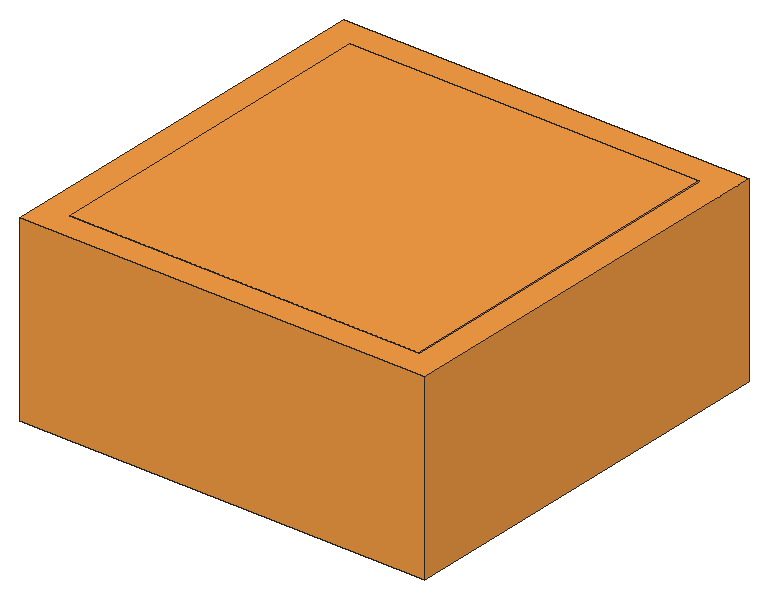
Revit family "Detector Titanus FUSION_Aguilera Electronica", category Dispositivos de alarma de incendios, Revit 2019
Family settings
  Anfitrión = Cara
  Mantener orientación de anotación = Sí
  Cota de conector redondo = Diámetro de uso
  Tipo de pieza = Normal
  Número OmniClass = 23.85.30.21.11.17
  Título OmniClass = Other Components
  Corte con vacíos al cargar = No
  Compartido = No
  Punto de cálculo de habitación = No
Parameters (values of type "Titanus FUSION® de 1 módulo de detección - Sensibilidad 0,015%")
  Zona de acción 80 m2 = yes
  Zona de acción 60 m2 = yes
  Voltaje = ""
  URL = "https://aguilera.es/?productos=titanus-fusion"
  Símbolo texto modelo = yes
  Símbolo = yes
  Modelo = "AETF-01"
  Fondo = 113 mm
  Fabricante = "Aguilera Electrónica"  # constant formula
  Elevación por defecto = 1200 mm
  Descripción = "Serie TITANUS FUSION®: la mejor solución para pequeñas y medianas instalaciones.\r\n\r\nCaracterísticas:\r\n• Conexión de uno o dos módulos detectores.\r\n• Cobertura hasta 2x1600m2\r\n• Número máximo orificios aspiración 2 x 20\r\n• Relé de alarma y avería por zona\r\n• Conexión al bucle algorítmico de Aguilera Electrónica mediante la tarjeta AE/SA-IT.\r\n• Versión silenciosa, con un nivel de presión sonora desde 23 dB(A).\r\n• Vigilancia de la red de tuberías PIPE-GUARD.\r\n\r\nCaracterísticas técnicas:\r\n• Alimentación 24Vcc (14 a 30Vcc)\r\n• Dimensiones 200x292x113mm\r\n• Intervalo de temperatura de funcionamiento: -20ºC a +60ºC\r\n• Humedad del 10% al 95% sin condensación.\r\n• Certificados EN 54-20 clases A, B y C: CPR-E010, nº 0786-CPR-21512\r\n• Homologados VdS nº G 216069"  # constant formula
  Assembly Code = ""
  Comentarios de tipo = "Nº máx. orificios de aspiración: 20\r\n    Longitud máx. de tubería: 160 m\r\n    Consumo en reposo: 200 mA\r\n    Consumo máximo en alarma: 210 mA””"
  Ancho = 200 mm
  Alto = 292 mm
Types (13, lengths in mm): name | Modelo | Comentarios de tipo
  (no name) | "AETF-01" | "Nº máx. orificios de aspiración: 20\r\n    Longitud máx. de tubería: 160 m\r\n    Consumo en reposo: 200 mA\r\n    Consumo máximo en alarma: 210 mA””"
  Titanus FUSION® de 1 módulo de detección - Sensibilidad 0,5% | "AETF-50" | "Nº máx. orificios de aspiración: 20\r\n    Longitud máx. de tubería: 160 m\r\n    Consumo en reposo: 200 mA\r\n    Consumo máximo en alarma: 210 mA””"
  Titanus FUSION® de 1 módulo de detección - Sensibilidad 0,1% | "AETF-10" | "Nº máx. orificios de aspiración: 20\r\n    Longitud máx. de tubería: 160 m\r\n    Consumo en reposo: 200 mA\r\n    Consumo máximo en alarma: 210 mA””"
  Titanus FUSION® de 1 módulo de detección - Sensibilidad 0,015% | "AETF-01" | "Nº máx. orificios de aspiración: 20\r\n    Longitud máx. de tubería: 160 m\r\n    Consumo en reposo: 200 mA\r\n    Consumo máximo en alarma: 210 mA””"
  Titanus FUSION® de 2 módulos de detección - Sensibilidad 0,5% y 0,5% | "AETF-2-50" | "Nº máx. orificios de aspiración: 40 (2X20)\r\n    Longitud máx. de tubería: 320 m (2X160)\r\n    Consumo en reposo: 220 mA\r\n    Consumo máximo en alarma: 240 mA””"
  Titanus FUSION® de 2 módulos de detección - Sensibilidad 0,1% y 0,5% | "AETF-2-1050" | "Nº máx. orificios de aspiración: 40 (2X20)\r\n    Longitud máx. de tubería: 320 m (2X160)\r\n    Consumo en reposo: 220 mA\r\n    Consumo máximo en alarma: 240 mA””"
  Titanus FUSION® de 2 módulos de detección - Sensibilidad 0,1% y 0,1% | "AETF-2-10" | "Nº máx. orificios de aspiración: 40 (2X20)\r\n    Longitud máx. de tubería: 320 m (2X160)\r\n    Consumo en reposo: 220 mA\r\n    Consumo máximo en alarma: 240 mA””"
  Titanus FUSION® de 2 módulos de detección - Sensibilidad 0,15% y 0,5% | "AETF-2-0150" | "Nº máx. orificios de aspiración: 40 (2X20)\r\n    Longitud máx. de tubería: 320 m (2X160)\r\n    Consumo en reposo: 220 mA\r\n    Consumo máximo en alarma: 240 mA””"
  Titanus FUSION® de 2 módulos de detección - Sensibilidad 0,15% y 0,1% | "AETF-2-0110" | "Nº máx. orificios de aspiración: 40 (2X20)\r\n    Longitud máx. de tubería: 320 m (2X160)\r\n    Consumo en reposo: 220 mA\r\n    Consumo máximo en alarma: 240 mA””"
  Titanus FUSION® de 2 módulos de detección - Sensibilidad 0,15% y 0,15% | "AETF-2-01" | "Nº máx. orificios de aspiración: 40 (2X20)\r\n    Longitud máx. de tubería: 320 m (2X160)\r\n    Consumo en reposo: 220 mA\r\n    Consumo máximo en alarma: 240 mA””"
  Titanus FUSION® de 2 módulos de detección (doble detección) - Sensibilidad 0,5% y 0,5% | "AETF-2-D5050" | "Nº máx. orificios de aspiración: 40 (2 x 20)\r\n    Longitud máx. de conducto: 320 m (2 x 160)\r\n    Consumo en reposo: 220 mA\r\n    Consumo máximo en alarma: 240 mA"
  Titanus FUSION® de 2 módulos de detección (doble detección) - Sensibilidad 0,1% y 0,5% | "AETF-2-D1050" | "Nº máx. orificios de aspiración: 40 (2 x 20)\r\n    Longitud máx. de conducto: 320 m (2 x 160)\r\n    Consumo en reposo: 220 mA\r\n    Consumo máximo en alarma: 240 mA"
  Titanus FUSION® de 2 módulos de detección (doble detección) - Sensibilidad 0,1% y 0,1% | "AETF-2-D0110" | "Nº máx. orificios de aspiración: 40 (2 x 20)\r\n    Longitud máx. de conducto: 320 m (2 x 160)\r\n    Consumo en reposo: 220 mA\r\n    Consumo máximo en alarma: 240 mA"
Reference planes
  plane 1 "Centro (Frontal/Posterior)": y = 0
  plane 2: z = 0
  plane 3 "Centro (Izquierda/Derecha)": x = 0
  plane 4: y = 146
  plane 5: y = -146
  plane 6: x = -100
  plane 7: x = 100
  plane 8: z = 113
  plane 9: z = 110
  plane 10: z = 107
Forms (mm)
  Extrusion 1, solid
    sketch origin (0, 0, 0) x (1, 0, 0) y (0, 1, 0)
      loop
        line (-1219.2, 1219.2) -> (-1219.2, -1219.2) -> (1219.2, -1219.2) -> (1219.2, 1219.2) -> (-1219.2, 1219.2)
    from 0 to -304.8
  Extrusion 2, solid, material "ABS Gris"
    sketch origin (0, 0, 0) x (1, 0, 0) y (0, 1, 0)
      loop
        line (-100, -146) -> (100, -146) -> (100, 146) -> (-100, 146) -> (-100, -146)
    from 0 to 113 <- "Fondo"
  Extrusion 3, solid, material "ABS Gris", detail levels fine
    sketch origin (0, 0, 0) x (1, 0, 0) y (0, 1, 0)
      loop
        line (84.502, -111.186) -> (84.502, -0.381)
        arc (84.502, -0.381) -> (-2.643, -8.099) -> (-85.498, -36.186) r 367.691
        line (-85.498, -36.186) -> (-85.498, -111.186) -> (84.502, -111.186)
    from 113 to 123
  Extrusion 4, solid, material "ABS Gris", detail levels fine
    sketch origin (0, 0, 0) x (1, 0, 0) y (0, 0, 1)
      loop
        circle (34.456, 58.972) r 15
    from -156 to -146
  Extrusion 5, solid, material "ABS Gris", detail levels fine
    sketch origin (0, 0, 0) x (-1, 0, 0) y (0, 0, -1)
      loop
        circle (34.456, -58.972) r 15
    from -156 to -146
  Extrusion 6, solid, material "Zona de acción", visible <- "Zona de acción 80 m2"
    sketch origin (-3703.865, 3705, 0) x (1, 0, 0) y (0, 1, 0)
      loop
        line (-746.135, -8155) -> (8153.865, -8155) -> (8153.865, 745) -> (-746.135, 745) -> (-746.135, -8155)
    from 0 to 4000
  Extrusion 7, solid, material "Zona de acción", visible <- "Zona de acción 60 m2"
    sketch origin (-4303.865, 3105, 0) x (1, 0, 0) y (0, 1, 0)
      loop
        line (453.865, -6955) -> (8153.865, -6955) -> (8153.865, 745) -> (453.865, 745) -> (453.865, -6955)
    from 0 to 4000
Dimensions and locks
  equal spacing: plane 5, plane 1 "Centro (Frontal/Posterior)", plane 4
  "Alto": plane 5 to plane 4
  equal spacing: plane 6, plane 3 "Centro (Izquierda/Derecha)", plane 7
  "Ancho": plane 6 to plane 7
  "Fondo": plane 8 to plane 2
  locked: plane 8 to plane 10 at 6
  locked: plane 8 to plane 9 at 3
  aligned and locked: plane 2 to Extrusion 1
  aligned and locked: level to Extrusion 1
  aligned and locked: plane 5 to Extrusion 2 sketch curve
  aligned and locked: Extrusion 2 sketch curve to plane 6
  aligned and locked: plane 4 to Extrusion 2 sketch curve
  aligned and locked: Extrusion 2 sketch curve to plane 7
Automatic sketch dimensions
  Extrusion 1 sketch curve to Extrusion 1 sketch curve = 2438.4 mm  (x2)
  plane 6 to Extrusion 3 sketch curve = 14.502 mm
  plane 7 to Extrusion 3 sketch curve = 26.864 mm
  plane 1 "Centro (Frontal/Posterior)" to Extrusion 3 sketch curve = 0.381 mm
  plane 7 to Extrusion 3 sketch curve = 15.498 mm
  plane 1 "Centro (Frontal/Posterior)" to Extrusion 3 sketch curve = 36.186 mm
  Extrusion 3 sketch curve to plane 5 = 34.814 mm
  plane 3 "Centro (Izquierda/Derecha)" to Extrusion 4 sketch curve = 34.456 mm
  Extrusion 4 sketch curve to plane 10 = 48.028 mm
  plane 3 "Centro (Izquierda/Derecha)" to Extrusion 5 sketch curve = 34.456 mm
  plane 10 to Extrusion 5 sketch curve = 48.028 mm
  Extrusion 6 sketch curve to plane 6 = 4350 mm
  Extrusion 6 sketch curve to plane 7 = 4350 mm
  plane 5 to Extrusion 6 sketch curve = 4304 mm
  plane 4 to Extrusion 6 sketch curve = 4304 mm
  Extrusion 7 sketch curve to plane 6 = 3750 mm
  Extrusion 7 sketch curve to plane 7 = 3750 mm
  plane 5 to Extrusion 7 sketch curve = 3704 mm
  plane 4 to Extrusion 7 sketch curve = 3704 mm
  radius of Extrusion 4 sketch curve = 15 mm
  radius of Extrusion 5 sketch curve = 15 mm
Nested families
  nested 1: "S_Detector Titanus PRO·SENS_Aguilera Electronica" at (0, 0, 0), visible <- "Símbolo", type "S_Detector Titanus PRO·SENS_Aguilera Electronica"
Connectors
  electrical at (0, 0, 0), driven by "Modelo"
    settings: index 1, voltage 0 V, apparent load 0 VA, apparent load phase1 0 VA, apparent load phase2 0 VA, apparent load phase3 0 VA, power factor 1, load classification "Potencia", number of poles 1, system type 31, power factor state 1, is connector primary yes, connector utility no, sub classification motor no, connector description "AETF-01"
Definition of nested family "S_Detector Titanus PRO·SENS_Aguilera Electronica"
  Parameters (values of type "S_Detector Titanus PRO·SENS_Aguilera Electronica")
    Texto símbolo = "Detector"
    Texto modelo = yes
    Modelo = "Detector"
  Reference planes
    plane 1: y = 0
    plane 2: x = 0
  Lines and regions (mm)
    detail lines
      curve 1: line (-3.572, -5.498, 0) -> (3.896, -5.498, 0)
      curve 2: line (-3.572, 5.498, 0) -> (-3.572, -5.498, 0)
      curve 3: line (3.896, 5.498, 0) -> (-3.572, 5.498, 0)
      curve 4: line (3.896, -5.498, 0) -> (3.896, 5.498, 0)
  Text (mm)
    label "Texto símbolo" at (-0.164, 2.864, 0), shows "Texto símbolo"
    label "Modelo" at (-0.164, -2.652, 0), shows "Modelo", visible <- "Texto modelo"
